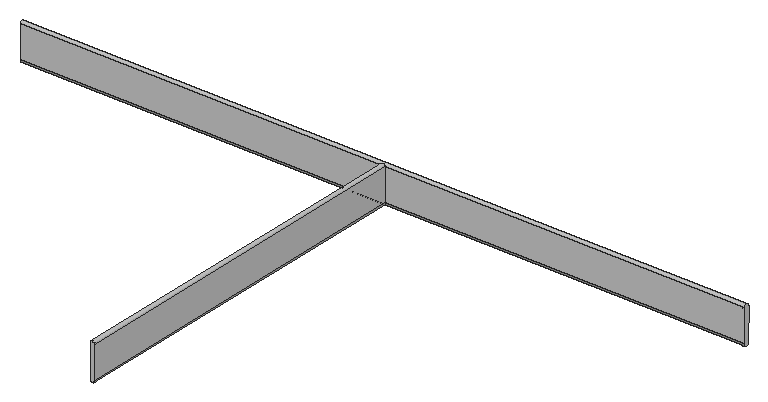
Revit family "Wall_Expansion_Joint-Emseal-Emshield-WFR1-(0.5-6-Inch)-T", category Specialty Equipment, host Face, Revit 2019
Family settings
  Host = Face
  Round Connector Dimension = Use Diameter
  Part Type = Normal
  OmniClass Number = 23.25.30.24
  OmniClass Title = Structural Walls
  Cut with Voids When Loaded = No
  Shared = No
  Room Calculation Point = No
Parameters (values of type "REFER TO TYPE CATALOG")
  Width = 0' - 0 1/2"
  Water Penetration of Curtain Wall By Uniform Static Air Pressure Difference (ASTM E331-00) = "No water penetration - 15 minute duration at 500 Delta-P(Pa), 1000 Delta-P(Pa),  and 5000 Delta-P(Pa)"  # constant formula
  URL = "http://www.emseal.com/"
  Tornado Resistance (Air Leakage) (ASTM E283) = "Tested to 200 mph with essentially no deflection"  # constant formula
  Thermal Conductivity (ASTM C518) = "0.9824 BTU*in/h*ft^2*F (0.1417 W/m*K)"  # constant formula
  Tensile Strength (ASTM D3574) = "21 psi min;  145 kPa"  # constant formula
  Temperature Range (ASTM C711) = "185°F (85°C) to -40°F (-40°C)"  # constant formula
  Standard Test Method For Structural Performance of Exterior Windows, Doors, Sylights and Curtain Walls by Uniform Static Air Pressure Difference (ASTM E330) = "1.9mm @ 4854Pa (200mph) 6-Inch width"  # constant formula
  Staining (ASTM C510) = "None"  # constant formula
  Seal Material Note = "WFR1 has a layer of Intumescent Sealant underneath the layers of silicone on both sides"  # constant formula
  Seal Material = Silicone - Sikasil WS-295
  STC Rating (Sound Transmission Class) (ASTM E90) = "STC 64 (in a STC 68 wall)"  # constant formula
  Right Length [instance] = 3' - 3 23/64"
  Rate of Air Leakage (ASTM E283) = "Passed"  # constant formula
  R Value Range (ASTM C518) = "1.03 per 1-inch (25mm) depth"  # constant formula
  Product data url = "https://cdn.emseal.com/wp-content/uploads/2016/06/emshield-wfr1-tech-data-2-hour-fire-rated-expansion-joint-wall-emseal.pdf"
  Product Page URL = "https://www.emseal.com/product/wfr1-fire-rated-wall-expansion-joint/"
  Product Documentation Link = "https://cdn.emseal.com/wp-content/uploads/2016/06/emshield-wfr1-tech-data-2-hour-fire-rated-expansion-joint-wall-emseal.pdf"
  Pick Resistant = "No"  # constant formula
  OITC Rating (Outdoor/Indoor Transmission Class) = "OITC 52 (in a OITC 52 wall)"  # constant formula
  Number of Sticks Required [instance] = (Right Length + Left Length + Bottom Length) / 6' 6 23/32"  # 1.5
  Movement (of Nominal Material Size) = "+/- 50%"
  Model = "WFR1"
  Manufacturer = "Emseal"  # constant formula
  Left Length [instance] = 3' - 3 23/64"
  Host Thickness = 0' 0" - Depth  # -0' - 4"
  Fire Resistance and Movement Cycling Regime (UL 2079, ASTM E1966, ASTM E119, ASTM E1399) = "Passed"  # constant formula
  Fire Rating (Hours per UL2079) = "1"
  Fire Rated Movement Rating (UL2079) = "Class II, III"  # constant formula
  Durometer Hardness of Silicone Coating (ASTM D2240) = "Shore A: 15"  # constant formula
  Description = "Fire Rated, Watertight, Sound Dampening, Primary Seal for Interior and Exterior Wall Expansion Joints"  # constant formula
  Depth = 0' - 4"
  Default Elevation = 4' - 0"
  Bottom Length [instance] = 3' - 3 23/64"
  Assembly Code = "B2010"
  Air Permeability (ASTM E283-04) = "0.00017 L/(s-m²) @ 75 Delta-P(Pa) 0.00017 L(s-m²) @ 250 Delta-P(Pa)"  # constant formula
  ABAA Compliance = "YES"  # constant formula
Reference planes (in)
  plane 1 "Center (Front/Back)": y = 0
  plane 2: z = 0
  plane 3 "Center (Left/Right)": x = 0
  plane 4: y = -39.60938
  plane 5: x = -0.25
  plane 6: x = 0.25
  plane 7: z = -4
  plane 8: y = -0.25
  plane 9: y = 0.25
  plane 10: x = -39.35937
  plane 11: x = 39.35938
  plane 12 "MR": z = 3.75
Forms (in)
  Extrusion 1, void
    sketch origin (0, 0, 0) x (1, 0, 0) y (0, 1, 0)
      loop
        line (-0.25, -39.60938) -> (0.25, -39.60938) -> (0.25, -0.25) -> (-0.25, -0.25) -> (-0.25, -39.60938)
    from -120 to 0
  Extrusion 2, void
    sketch origin (0, 0, 0) x (1, 0, 0) y (0, 1, 0)
      loop
        line (-39.35937, -0.25) -> (39.35938, -0.25) -> (39.35938, 0.25) -> (-39.35937, 0.25) -> (-39.35937, -0.25)
    from -120 to 0
Lines and regions (in)
  symbolic lines, detail levels medium+fine
    curve 1: line (39.35938, 0.25, 3.75) -> (39.35938, -0.25, 3.75)
Dimensions and locks (in)
  equal spacing: plane 5, plane 3 "Center (Left/Right)", plane 6
  "Width": plane 5 to plane 6
  level to plane 7 = 0' - 4"
  equal spacing: plane 8, plane 1 "Center (Front/Back)", plane 9
  "Width": plane 9 to plane 8
  "Bottom Length": plane 8 to plane 4
  "Right Length": plane 3 "Center (Left/Right)" to plane 11
  "Left Length": plane 10 to plane 3 "Center (Left/Right)"
  aligned and locked: host face to plane 2
  aligned and locked: host face to level
  aligned and locked: Extrusion 1 sketch curve to plane 4
  aligned and locked: Extrusion 1 sketch curve to plane 6
  aligned and locked: Extrusion 1 sketch curve to plane 5
  aligned and locked: plane 2 to Extrusion 1
  aligned and locked: Extrusion 2 sketch curve to plane 8
  aligned and locked: Extrusion 2 sketch curve to plane 9
  aligned and locked: Extrusion 2 sketch curve to plane 10
  aligned and locked: plane 11 to Extrusion 2
  aligned and locked: curve 1 to plane 9
  aligned and locked: curve 1 to plane 8
  aligned and locked: curve 1 to plane 11
  aligned and locked: nested 1 to plane 1 "Center (Front/Back)"
  aligned and locked: nested 2 to plane 3 "Center (Left/Right)"
  aligned and locked: nested 2 to plane 8
  aligned and locked: nested 2 to plane 4
  aligned and locked: nested 1 to plane 11
  aligned and locked: nested 1 to plane 10
  aligned and locked: Extrusion 1 sketch curve to plane 8
Automatic sketch dimensions
  host sketch curve to host sketch curve = 28' - 9.38114"
  host sketch curve to host sketch curve = 23' - 6.66857"
  plane 5 to Extrusion 2 sketch curve = 3' - 3 39/64"
Nested families (in)
  nested 1: "EmShield_WFR_Bellow_Facebased" at (0, 0, 0) x (0, 1, 0) z (0, 0, 1), Seal Material <- "Seal Material", Width <- "Width", Depth <- "Depth", type "WFR"
    with Width 0' - 0 1/2", Triple Bellow no, Single Bellow yes, Seal Material Silicone - Sikasil WS-295, Quad Bellow no, Pent Bellow no, Length 6' - 6 23/32", Depth 0' - 4", Calc Width Triple 0' - 1 1/2", Calc Width Single 0' - 0 1/2", Calc Width Quad 0' - 3 131/256", Calc Width Pent 0' - 4 1/2"
  nested 2: "EmShield_WFR_Bellow_Facebased" at (0, -19.92969, 0) x (-1, 0, 0) z (0, 0, 1), Seal Material <- "Seal Material", Width <- "Width", Depth <- "Depth", type "WFR"
    with Width 0' - 0 1/2", Triple Bellow no, Single Bellow yes, Seal Material Silicone - Sikasil WS-295, Quad Bellow no, Pent Bellow no, Length 3' - 3 23/64", Depth 0' - 4", Calc Width Triple 0' - 1 1/2", Calc Width Single 0' - 0 1/2", Calc Width Quad 0' - 3 131/256", Calc Width Pent 0' - 4 1/2"
Definition of nested family "EmShield_WFR_Bellow_Facebased"
  Parameters
    Width [instance] = 0' - 4 3/4"
    Triple Bellow [instance] = and(Width > 0' 1 125/256", Width < 0' 3 131/256")  # no
    Single Bellow [instance] = Width < 0' 1 67/256"  # no
    Seal Material [instance] = none
    Quad Bellow [instance] = and(Width > 0' 3 189/256", Width < 0' 4 131/256")  # no
    Pent Bellow [instance] = and(Width > 0' 4 189/256", Width < 0' 6 3/256")  # yes
    Length [instance] = 7' - 0"
    Depth [instance] = 0' - 4"
    Default Elevation = 4' - 0"
    Calc Width Triple [instance] = if(or(Width > 0' 3 131/256", Width < 0' 1 125/256"), 0' 1 1/2", Width)  # 0' - 1 1/2"
    Calc Width Single [instance] = if(Width > 0' 1 67/256", 0' 1 67/256", Width)  # 0' - 1 67/256"
    Calc Width Quad [instance] = if(or(Width > 0' 4 131/256", Width < 0' 3 189/256"), 0' 3 131/256", Width)  # 0' - 3 131/256"
    Calc Width Pent [instance] = if(or(Width > 0' 6 3/256", Width < 0' 4 125/256"), 0' 4 1/2", Width)  # 0' - 4 3/4"
  Reference planes (in)
    plane 1 "Center (Front/Back)": y = 0
    plane 2: z = 0
    plane 3 "Center (Left/Right)": x = 0
    plane 4: y = 42
    plane 5: y = -42
    plane 6: x = -0.75
    plane 7: x = 0.75
    plane 8: z = -4
    plane 9: x = -0.87793
    plane 10: x = 0.87793
    plane 11: x = -0.25
    plane 12: x = 0.25
    plane 13: x = -1.75586
    plane 14: x = 1.75586
    plane 15: x = -0.63086
    plane 16: x = 0.63086
    plane 17: x = -2.375
    plane 18: x = 2.375
    plane 19: x = -5.625
    plane 20: x = 5.875
    plane 21: x = -1.425
    plane 22: x = -0.475
    plane 23: x = 0.475
    plane 24: x = -2.375
    plane 25: x = 2.375
    plane 26: x = 1.425
  Forms (in)
    Extrusion 1, solid
      sketch origin (0, 0, 0) x (1, 0, 0) y (0, 1, 0)
        loop
          line (-48, 48) -> (-48, -48) -> (48, -48) -> (48, 48) -> (-48, 48)
      from 0 to -12
    Extrusion 2, solid, material <- "Seal Material", visible <- "Quad Bellow", detail levels medium+fine
      sketch origin (0, 0, 0) x (1, 0, 0) y (0, 0, 1)
        loop
          line (1.75586, -3.56106) -> (1.75586, -0.43896)
          arc (1.75586, -0.43896) -> (1.31689, 0) -> (0.87793, -0.43896) r 0.43896
          arc (0.87793, -0.43896) -> (0.43896, 0) -> (0, -0.43896) r 0.43896
          arc (0, -0.43896) -> (-0.43896, 0) -> (-0.87793, -0.43896) r 0.43896
          arc (-0.87793, -0.43896) -> (-1.31689, 0) -> (-1.75586, -0.43896) r 0.43896
          line (-1.75586, -0.43896) -> (-1.75586, -3.56106)
          arc (-1.75586, -3.56106) -> (-1.31689, -4.00002) -> (-0.87793, -3.56106) r 0.43896
          arc (-0.87793, -3.56106) -> (-0.43896, -4.00002) -> (0, -3.56106) r 0.43896
          arc (0, -3.56106) -> (0.43896, -4.00002) -> (0.87793, -3.56106) r 0.43896
          arc (0.87793, -3.56106) -> (1.31689, -4.00002) -> (1.75586, -3.56106) r 0.43896
      from -42 to 42
    Extrusion 3, solid, material <- "Seal Material", visible <- "Triple Bellow", detail levels medium+fine
      sketch origin (0, 0, 0) x (1, 0, 0) y (0, 0, 1)
        loop
          line (-0.75, -0.25) -> (-0.75, -3.75)
          arc (-0.75, -3.75) -> (-0.5, -4) -> (-0.25, -3.75) r 0.25
          arc (-0.25, -3.75) -> (0, -4) -> (0.25, -3.75) r 0.25
          arc (0.25, -3.75) -> (0.5, -4) -> (0.75, -3.75) r 0.25
          line (0.75, -3.75) -> (0.75, -0.25)
          arc (0.75, -0.25) -> (0.5, 0) -> (0.25, -0.25) r 0.25
          arc (0.25, -0.25) -> (0, 0) -> (-0.25, -0.25) r 0.25
          arc (-0.25, -0.25) -> (-0.5, 0) -> (-0.75, -0.25) r 0.25
      from -42 to 42
    Extrusion 4, solid, material <- "Seal Material", visible <- "Single Bellow", detail levels medium+fine
      sketch origin (0, 0, 0) x (1, 0, 0) y (0, 0, 1)
        loop
          line (-0.63086, -0.63086) -> (-0.63086, -3.36914)
          arc (-0.63086, -3.36914) -> (0, -4) -> (0.63086, -3.36914) r 0.63086
          line (0.63086, -3.36914) -> (0.63086, -0.63086)
          arc (0.63086, -0.63086) -> (0, 0) -> (-0.63086, -0.63086) r 0.63086
      from -42 to 42
    Extrusion 5, solid, material <- "Seal Material", detail levels coarse
      sketch origin (0, 0, 0) x (1, 0, 0) y (0, 0, 1)
        loop
          line (2.375, -4) -> (2.375, 0) -> (-2.375, 0) -> (-2.375, -4) -> (2.375, -4)
      from -42 to 42
    Extrusion 6, solid, material <- "Seal Material", visible <- "Pent Bellow", detail levels medium+fine
      sketch origin (0, 0, 0) x (1, 0, 0) y (0, 0, 1)
        loop
          line (-2.375, -0.475) -> (-2.375, -3.52513)
          arc (-2.375, -3.52513) -> (-1.9, -4.00013) -> (-1.425, -3.52513) r 0.475
          arc (-1.425, -3.52513) -> (-0.95, -4.00013) -> (-0.475, -3.52513) r 0.475
          arc (-0.475, -3.52513) -> (0, -4.00013) -> (0.475, -3.52513) r 0.475
          arc (0.475, -3.52513) -> (0.95, -4.00013) -> (1.425, -3.52513) r 0.475
          arc (1.425, -3.52513) -> (1.9, -4.00013) -> (2.375, -3.52513) r 0.475
          line (2.375, -3.52513) -> (2.375, -0.475)
          arc (2.375, -0.475) -> (1.9, 0) -> (1.425, -0.475) r 0.475
          arc (1.425, -0.475) -> (0.95, 0) -> (0.475, -0.475) r 0.475
          arc (0.475, -0.475) -> (0, 0) -> (-0.475, -0.475) r 0.475
          arc (-0.475, -0.475) -> (-0.95, 0) -> (-1.425, -0.475) r 0.475
          arc (-1.425, -0.475) -> (-1.9, 0) -> (-2.375, -0.475) r 0.475
      from -42 to 42
  Lines and regions (in)
    Masking region 1
      outline origin (0, 0, 2.62265) x (-1, 0, 0) y (0, -1, 0)
        loop
          line (2.375, -42) -> (2.375, 42) -> (-2.375, 42) -> (-2.375, -42) -> (2.375, -42)
    Masking region 2, detail levels coarse
      outline origin (0, 0, 0) x (1, 0, 0) y (0, 0, 1)
        loop
          line (2.375, 0) -> (-2.375, 0) -> (-2.375, -4) -> (2.375, -4) -> (2.375, 0)
    Masking region 3, visible <- "Pent Bellow", detail levels medium+fine
      outline origin (0, 0, 0) x (1, 0, 0) y (0, 0, 1)
        loop
          arc (-1.425, -0.475) -> (-1.9, 0) -> (-2.375, -0.475) r 0.475
          line (-2.375, -0.475) -> (-2.375, -3.52513)
          arc (-2.375, -3.52513) -> (-1.9, -4.00013) -> (-1.425, -3.52513) r 0.475
          arc (-1.425, -3.52513) -> (-0.95, -4.00013) -> (-0.475, -3.52513) r 0.475
          arc (-0.475, -3.52513) -> (0, -4.00013) -> (0.475, -3.52513) r 0.475
          arc (0.475, -3.52513) -> (0.95, -4.00013) -> (1.425, -3.52513) r 0.475
          arc (1.425, -3.52513) -> (1.9, -4.00013) -> (2.375, -3.52513) r 0.475
          line (2.375, -3.52513) -> (2.375, -0.475)
          arc (2.375, -0.475) -> (1.9, 0) -> (1.425, -0.475) r 0.475
          arc (1.425, -0.475) -> (0.95, 0) -> (0.475, -0.475) r 0.475
          arc (0.475, -0.475) -> (0, 0) -> (-0.475, -0.475) r 0.475
          arc (-0.475, -0.475) -> (-0.95, 0) -> (-1.425, -0.475) r 0.475
    Masking region 4, visible <- "Quad Bellow", detail levels medium+fine
      outline origin (0, 0, 0) x (1, 0, 0) y (0, 0, 1)
        loop
          line (-1.75586, -0.43896) -> (-1.75586, -3.56106)
          arc (-1.75586, -3.56106) -> (-1.31689, -4.00002) -> (-0.87793, -3.56106) r 0.43896
          arc (-0.87793, -3.56106) -> (-0.43896, -4.00002) -> (0, -3.56106) r 0.43896
          arc (0, -3.56106) -> (0.43896, -4.00002) -> (0.87793, -3.56106) r 0.43896
          arc (0.87793, -3.56106) -> (1.31689, -4.00002) -> (1.75586, -3.56106) r 0.43896
          line (1.75586, -3.56106) -> (1.75586, -0.43896)
          arc (1.75586, -0.43896) -> (1.31689, 0) -> (0.87793, -0.43896) r 0.43896
          arc (0.87793, -0.43896) -> (0.43896, 0) -> (0, -0.43896) r 0.43896
          arc (0, -0.43896) -> (-0.43896, 0) -> (-0.87793, -0.43896) r 0.43896
          arc (-0.87793, -0.43896) -> (-1.31689, 0) -> (-1.75586, -0.43896) r 0.43896
    Masking region 5, visible <- "Single Bellow", detail levels medium+fine
      outline origin (0, 0, 0) x (1, 0, 0) y (0, 0, 1)
        loop
          arc (0.63086, -0.63086) -> (0, 0) -> (-0.63086, -0.63086) r 0.63086
          line (-0.63086, -0.63086) -> (-0.63086, -3.36914)
          arc (-0.63086, -3.36914) -> (0, -4) -> (0.63086, -3.36914) r 0.63086
          line (0.63086, -3.36914) -> (0.63086, -0.63086)
    Masking region 6, visible <- "Triple Bellow", detail levels medium+fine
      outline origin (0, 0, 0) x (1, 0, 0) y (0, 0, 1)
        loop
          arc (-0.25, -3.75) -> (0, -4) -> (0.25, -3.75) r 0.25
          arc (0.25, -3.75) -> (0.5, -4) -> (0.75, -3.75) r 0.25
          line (0.75, -3.75) -> (0.75, -0.25)
          arc (0.75, -0.25) -> (0.5, 0) -> (0.25, -0.25) r 0.25
          arc (0.25, -0.25) -> (0, 0) -> (-0.25, -0.25) r 0.25
          arc (-0.25, -0.25) -> (-0.5, 0) -> (-0.75, -0.25) r 0.25
          line (-0.75, -0.25) -> (-0.75, -3.75)
          arc (-0.75, -3.75) -> (-0.5, -4) -> (-0.25, -3.75) r 0.25
    Masking region 7
      outline origin (0, 0, 0) x (0, 1, 0) y (0, 0, 1)
        loop
          line (42, -4) -> (42, 0) -> (-42, 0) -> (-42, -4) -> (42, -4)
    symbolic lines, visible <- "Quad Bellow", detail levels medium+fine
      curve 1: line (-0.87793, 42, 2.62265) -> (-0.87793, -42, 2.62265)
      curve 2: line (0.87793, 42, 2.62265) -> (0.87793, -42, 2.62265)
      curve 3: line (0, 42, 2.62265) -> (0, -42, 2.62265)
    symbolic lines, visible <- "Triple Bellow", detail levels medium+fine
      curve 4: line (-0.25, 42, 0) -> (-0.25, -42, 0)
      curve 5: line (0.25, 42, 0) -> (0.25, -42, 0)
    symbolic lines, visible <- "Pent Bellow", detail levels medium+fine
      curve 6: line (-1.425, 42, 0) -> (-1.425, -42, 0)
      curve 7: line (-0.475, 42, 0) -> (-0.475, -42, 0)
      curve 8: line (0.475, 42, 0) -> (0.475, -42, 0)
      curve 9: line (1.425, 42, 0) -> (1.425, -42, 0)
  Dimensions and locks (in)
    "Length": plane 4 to plane 5
    equal spacing: plane 6, plane 3 "Center (Left/Right)", plane 7
    "Depth": level to plane 8
    plane 8 to Extrusion 2 sketch curve to Extrusion 2 sketch curve to Extrusion 2 sketch curve to Extrusion 2 sketch curve = 0' - 0.00002" locked, 0' - 0" locked, 0' - 0" locked, 0' - 0" locked
    Extrusion 2 sketch curve to Extrusion 2 sketch curve to Extrusion 2 sketch curve to Extrusion 2 sketch curve to plane 2 = 0' - 0" locked, 0' - 0" locked, 0' - 0" locked, 0' - 0" locked
    equal spacing: plane 4, plane 1 "Center (Front/Back)", plane 5
    plane 8 to Extrusion 3 sketch curve to Extrusion 3 sketch curve to Extrusion 3 sketch curve = 0' - 0" locked, 0' - 0" locked, 0' - 0" locked
    plane 2 to Extrusion 3 sketch curve to Extrusion 3 sketch curve to Extrusion 3 sketch curve = 0' - 0" locked, 0' - 0" locked, 0' - 0" locked
    equal spacing: plane 7, plane 12, plane 11, plane 6
    "Calc Width Triple": plane 7 to plane 6
    equal spacing: plane 14, plane 10, plane 3 "Center (Left/Right)", plane 9, plane 13
    "Calc Width Quad": plane 14 to plane 13
    equal spacing: plane 16, plane 3 "Center (Left/Right)", plane 15
    "Calc Width Single": plane 16 to plane 15
    locked: plane 8 to Extrusion 4 sketch curve at 0
    locked: plane 2 to Extrusion 4 sketch curve at 0
    equal spacing: plane 18, plane 3 "Center (Left/Right)", plane 17
    "Width": plane 18 to plane 17
    locked: plane 19 to plane 17 at 3.25
    locked: plane 18 to plane 20 at 3.5
    equal spacing: plane 25, plane 3 "Center (Left/Right)", plane 24
    "Calc Width Pent": plane 25 to plane 24
    equal spacing: plane 25, plane 26, plane 23, plane 22, plane 21, plane 24
    plane 8 to Extrusion 6 sketch curve to Extrusion 6 sketch curve to Extrusion 6 sketch curve to Extrusion 6 sketch curve to Extrusion 6 sketch curve = 0' - 0.00013" locked, 0' - 0" locked, 0' - 0" locked, 0' - 0" locked, 0' - 0" locked
    plane 2 to Extrusion 6 sketch curve to Extrusion 6 sketch curve to Extrusion 6 sketch curve to Extrusion 6 sketch curve to Extrusion 6 sketch curve = 0' - 0" locked, 0' - 0" locked, 0' - 0" locked, 0' - 0" locked, 0' - 0" locked
    aligned and locked: plane 2 to Extrusion 1
    aligned and locked: level to Extrusion 1
    aligned and locked: Masking region 1 sketch curve to plane 4
    aligned and locked: Masking region 1 sketch curve to plane 5
    aligned and locked: plane 5 to curve 1
    aligned and locked: plane 5 to curve 2
    aligned and locked: plane 4 to curve 2
    aligned and locked: plane 4 to curve 1
    aligned and locked: curve 3 to plane 3 "Center (Left/Right)"
    aligned and locked: plane 10 to Extrusion 2 sketch curve  (x2)
    aligned and locked: plane 3 "Center (Left/Right)" to Extrusion 2 sketch curve  (x2)
    aligned and locked: plane 9 to Extrusion 2 sketch curve  (x2)
    aligned and locked: Extrusion 2 to plane 5
    aligned and locked: plane 4 to Extrusion 2
    aligned and locked: plane 6 to Extrusion 3 sketch curve
    aligned and locked: plane 7 to Extrusion 3 sketch curve
    aligned and locked: plane 12 to Extrusion 3 sketch curve  (x2)
    aligned and locked: plane 11 to Extrusion 3 sketch curve  (x2)
    aligned and locked: plane 13 to Extrusion 2 sketch curve
    aligned and locked: Extrusion 2 sketch curve to plane 14
    aligned and locked: plane 15 to Extrusion 4 sketch curve
    aligned and locked: plane 16 to Extrusion 4 sketch curve
    aligned and locked: Extrusion 5 sketch curve to plane 8
    aligned and locked: Extrusion 5 sketch curve to plane 2
    aligned and locked: Extrusion 5 sketch curve to plane 17
    aligned and locked: Extrusion 5 sketch curve to plane 18
    aligned and locked: Extrusion 5 to plane 5
    aligned and locked: Extrusion 4 to plane 5
    aligned and locked: Extrusion 3 to plane 5
    aligned and locked: plane 4 to Extrusion 5
    aligned and locked: plane 4 to Extrusion 4
    aligned and locked: plane 4 to Extrusion 3
    aligned and locked: curve 4 to plane 11
    aligned and locked: curve 5 to plane 12
    aligned and locked: Masking region 1 sketch curve to plane 17
    aligned and locked: plane 18 to Masking region 1 sketch curve
    aligned and locked: plane 24 to Extrusion 6 sketch curve
    aligned and locked: plane 25 to Extrusion 6 sketch curve
    aligned and locked: plane 21 to Extrusion 6 sketch curve  (x2)
    aligned and locked: plane 22 to Extrusion 6 sketch curve  (x2)
    aligned and locked: plane 23 to Extrusion 6 sketch curve  (x2)
    aligned and locked: plane 26 to Extrusion 6 sketch curve  (x2)
    aligned and locked: Extrusion 6 to plane 5
    aligned and locked: plane 4 to Extrusion 6
    aligned and locked: curve 6 to plane 21
    aligned and locked: curve 7 to plane 22
    aligned and locked: curve 8 to plane 23
    aligned and locked: curve 9 to plane 26
    aligned and locked: Masking region 2 sketch curve to Extrusion 5  (x4)
    aligned and locked: Masking region 3 sketch curve to Extrusion 6  (x10)
    aligned and locked: Masking region 4 sketch curve to Extrusion 2  (x8)
    aligned and locked: Masking region 5 sketch curve to Extrusion 4  (x2)
    aligned and locked: Masking region 6 sketch curve to Extrusion 3  (x6)
    aligned and locked: plane 4 to Masking region 7 sketch curve
    aligned and locked: plane 5 to Masking region 7 sketch curve
    aligned and locked: plane 8 to Masking region 7 sketch curve
    aligned and locked: level to Masking region 7 sketch curve
  Automatic sketch dimensions
    Extrusion 1 sketch curve to Extrusion 1 sketch curve = 8' - 0"  (x2)
    curve 3 to plane 4 = 0' - 0"
    curve 3 to plane 5 = 0' - 0"
    curve 2 to plane 10 = 0' - 0"
    curve 1 to plane 9 = 0' - 0"
    Extrusion 3 sketch curve to Extrusion 3 sketch curve = 0' - 0"
    curve 4 to plane 5 = 0' - 0"
    curve 5 to plane 5 = 0' - 0"
    curve 5 to plane 4 = 0' - 0"
    curve 4 to plane 4 = 0' - 0"
    curve 6 to plane 5 = 0' - 0"
    plane 4 to curve 6 = 0' - 0"
    curve 7 to curve 6 = 0' - 0"
    curve 6 to curve 7 = 0' - 0"
    curve 8 to curve 7 = 0' - 0"
    curve 7 to curve 8 = 0' - 0"
    curve 9 to curve 8 = 0' - 0"
    curve 8 to curve 9 = 0' - 0"
